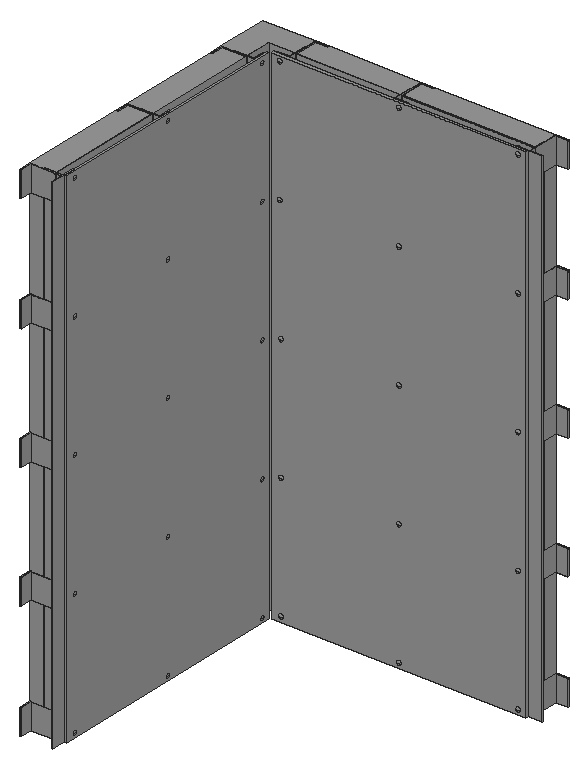
Revit family "Trespa Meteon  T5700_solucion 3", category Generic Models, Revit 2014
Parameters
  ID_Source = "BIMTOOL"
  ID_Objeto = "BT_F_F_382"
  Copyright © = "®Todos los derechos reservados. Prohibida su reproducción total o parcial. ©Bimtool 2016 Versión 3.8.2"
  BT_Web_del_Producto = "http://www.trespa.com/es"
  BT_Uso = "Placas para fachadas exterior"
  BT_SKU = "00 00 00 "
  BT_Profundidad = "1078"
  BT_Nombre_Tecnico = "Trespa Meteon  T5700 solucion esquina 2"
  BT_Nombre_Corto = "Trespa Meteon  T5700 solucion esquina 2"
  BT_Material = "Fibras naturales en madera con resinas termoestables"
  BT_MasterFormat® = "07 42 13"
  BT_Marca = "Trespa"
  BT_Itemizado_Estandar_CDT = "2.8.1."
  BT_Fabricante = "Trespa"
  BT_Especialidad = "Arquitectura "
  BT_Elemento = "Paneles y Revestimientos verticales "
  BT_EETT = "Las placas Trespa® Meteon® son ideales para ser utilizadas en sistemas de fachadas ventiladas innovadores y funcionales.Usándolas solas o como acento en combinación con otros materiales, las placas Trespa® Meteon® pueden determinar el aspecto y subrayar las cualidades de un edi\u001fcio. Trespa está a la vanguardia de las técnicas de construcción más avanzadas. Las fachadas ventiladas son mucho más que una mera cuestión de diseño; son un medio probado de e\u001fciencia energética y sus propiedades perduran en el tiempo"
  BT_Descripcion = "Las placas Trespa® Meteon® son ideales para ser utilizadas en sistemas de fachadas ventiladas innovadores y funcionales.Usándolas solas o como acento en combinación con otros materiales, las placas Trespa® Meteon® pueden determinar el aspecto y subrayar las cualidades de un edi\u001fcio. Trespa está a la vanguardia de las técnicas de construcción más avanzadas. Las fachadas ventiladas son mucho más que una mera cuestión de diseño; son un medio probado de e\u001fciencia energética y sus propiedades perduran en el tiempo."
  BT_Color = "Variedad de colores"
  BT_Codigo_Origen = "TRE003"
  BT_Codigo_Linea = "Linea"
  BT_Ancho = "1078"
  BT_Alto = "2000"
Reference planes
  plane 1 "Center (Front/Back)": y = 0
  plane 2: z = 0
  plane 3 "Center (Left/Right)": x = 0
  plane 4: z = 2000
  plane 5: x = 500
  plane 6: x = -500
  plane 7: x = 0
  plane 8: x = 505
  plane 9: x = 1010
  plane 10: z = 1000
  plane 11: z = 20
  plane 12: z = 1980
  plane 13: z = 510
  plane 14: z = 1490
  plane 15: y = 129.98
  plane 16: y = 30
  plane 17: y = 28.666
  plane 18: y = -517.075
  plane 19: y = -1017.071
  plane 20: y = -1022.071
  plane 21: x = -518.071
  plane 22: y = -1012.071
  plane 23: y = -975.571
  plane 24: y = -52.6
Forms (mm)
  Extrusion 1, solid, material "Carmine Red"
    sketch origin (-5, 0, 0) x (-1, 0, 0) y (0, -1, 0)
      loop
        line (-505, 0) -> (495, 0) -> (495, 10) -> (-505, 10) -> (-505, 0)
    from 0 to 2000
  Extrusion 2, solid, material "Steel, Galvanized"
    sketch origin (505, 0, 0) x (-1, 0, 0) y (0, -1, 0)
      loop
        line (-1.5, -76) -> (1.5, -76) -> (1.5, -4) -> (50, -4) -> (50, -1) -> (-50, -1) -> (-50, -4) -> (-1.5, -4) -> (-1.5, -76)
    from 0 to 2000
  Extrusion 3, solid, material "Steel, Galvanized"
    sketch origin (-23.5, 0, 0) x (-1, 0, 0) y (0, -1, 0)
      loop
        line (-1.5, -76) -> (1.5, -76) -> (1.5, -1) -> (-48.5, -1) -> (-48.5, -4) -> (-1.5, -4) -> (-1.5, -76)
    from 0 to 2000
  Revolve 4, solid, material "Carmine Red"
    sketch origin (-35, 0, 1000) x (-1, 0, 0) y (0, -1, 0)
      loop
        line (-35, 12) -> (-35, 10) -> (-27, 10)
        spline (-27, 10) -> (-27.068, 10.261) -> (-27.273, 10.518) -> (-27.609, 10.765) -> (-28.072, 11) -> (-28.653, 11.218) -> (-29.343, 11.414) -> (-30.13, 11.587) -> (-31, 11.732) -> (-31.939, 11.848) -> (-32.929, 11.932) -> (-33.956, 11.983) -> (-35, 12)
      axis (-35, 10) -> (-35, 12)
    angle from 0 to 360
  Revolve 5, solid
    sketch origin (-35, 0, 1000) x (-1, 0, 0) y (0, -1, 0)
      loop
        line (-35, -0.998) -> (-32.5, -0.998) -> (-32.5, 10) -> (-35, 10) -> (-35, -0.998)
      axis (-35, -0.998) -> (-35, 10)
    angle from 0 to 360
  Revolve 6, solid
    sketch origin (-35, 0, 1000) x (-1, 0, 0) y (0, -1, 0)
      loop
        arc (-34.996, -9.905) -> (-31.601, -7.929) -> (-31.642, -4) r 3.905
        line (-31.642, -4) -> (-34.996, -4) -> (-34.996, -9.905)
      axis (-34.996, -9.905) -> (-34.996, -4)
    angle from 0 to 360
  Revolve 7, solid, material "Carmine Red"
    sketch origin (-35, 0, 20) x (-1, 0, 0) y (0, -1, 0)
      loop
        line (-35, 12) -> (-35, 10) -> (-27, 10)
        spline (-27, 10) -> (-27.068, 10.261) -> (-27.273, 10.518) -> (-27.609, 10.765) -> (-28.072, 11) -> (-28.653, 11.218) -> (-29.343, 11.414) -> (-30.13, 11.587) -> (-31, 11.732) -> (-31.939, 11.848) -> (-32.929, 11.932) -> (-33.956, 11.983) -> (-35, 12)
      axis (-35, 10) -> (-35, 12)
    angle from 0 to 360
  Revolve 8, solid
    sketch origin (-35, 0, 20) x (-1, 0, 0) y (0, -1, 0)
      loop
        line (-35, -0.998) -> (-32.5, -0.998) -> (-32.5, 10) -> (-35, 10) -> (-35, -0.998)
      axis (-35, -0.998) -> (-35, 10)
    angle from 0 to 360
  Revolve 9, solid
    sketch origin (-35, 0, 20) x (-1, 0, 0) y (0, -1, 0)
      loop
        arc (-34.996, -9.905) -> (-31.601, -7.929) -> (-31.642, -4) r 3.905
        line (-31.642, -4) -> (-34.996, -4) -> (-34.996, -9.905)
      axis (-34.996, -9.905) -> (-34.996, -4)
    angle from 0 to 360
  Revolve 10, solid, material "Carmine Red"
    sketch origin (-35, 0, 1980) x (-1, 0, 0) y (0, -1, 0)
      loop
        line (-35, 12) -> (-35, 10) -> (-27, 10)
        spline (-27, 10) -> (-27.068, 10.261) -> (-27.273, 10.518) -> (-27.609, 10.765) -> (-28.072, 11) -> (-28.653, 11.218) -> (-29.343, 11.414) -> (-30.13, 11.587) -> (-31, 11.732) -> (-31.939, 11.848) -> (-32.929, 11.932) -> (-33.956, 11.983) -> (-35, 12)
      axis (-35, 10) -> (-35, 12)
    angle from 0 to 360
  Revolve 11, solid
    sketch origin (-35, 0, 1980) x (-1, 0, 0) y (0, -1, 0)
      loop
        line (-35, -0.998) -> (-32.5, -0.998) -> (-32.5, 10) -> (-35, 10) -> (-35, -0.998)
      axis (-35, -0.998) -> (-35, 10)
    angle from 0 to 360
  Revolve 12, solid
    sketch origin (-35, 0, 1980) x (-1, 0, 0) y (0, -1, 0)
      loop
        arc (-34.996, -9.905) -> (-31.601, -7.929) -> (-31.642, -4) r 3.905
        line (-31.642, -4) -> (-34.996, -4) -> (-34.996, -9.905)
      axis (-34.996, -9.905) -> (-34.996, -4)
    angle from 0 to 360
  Revolve 13, solid, material "Carmine Red"
    sketch origin (505, 0, 1000) x (1, 0, 0) y (0, 1, 0)
      loop
        spline (-35, -12) -> (-33.956, -11.983) -> (-32.929, -11.932) -> (-31.939, -11.848) -> (-31, -11.732) -> (-30.13, -11.587) -> (-29.343, -11.414) -> (-28.653, -11.218) -> (-28.072, -11) -> (-27.609, -10.765) -> (-27.273, -10.518) -> (-27.068, -10.261) -> (-27, -10)
        line (-27, -10) -> (-35, -10) -> (-35, -12)
      axis (-35, -10) -> (-35, -12)
    angle from 0 to 360
  Revolve 14, solid
    sketch origin (505, 0, 1000) x (1, 0, 0) y (0, 1, 0)
      loop
        line (-35, 0.998) -> (-35, -10) -> (-32.5, -10) -> (-32.5, 0.998) -> (-35, 0.998)
      axis (-35, 0.998) -> (-35, -10)
    angle from 0 to 360
  Revolve 15, solid
    sketch origin (505, 0, 1000) x (1, 0, 0) y (0, 1, 0)
      loop
        line (-34.996, 9.905) -> (-34.996, 4) -> (-31.642, 4)
        arc (-31.642, 4) -> (-31.601, 7.929) -> (-34.996, 9.905) r 3.905
      axis (-34.996, 9.905) -> (-34.996, 4)
    angle from 0 to 360
  Revolve 16, solid, material "Carmine Red"
    sketch origin (-35, 0, 1490) x (-1, 0, 0) y (0, -1, 0)
      loop
        line (-35, 12) -> (-35, 10) -> (-27, 10)
        spline (-27, 10) -> (-27.068, 10.261) -> (-27.273, 10.518) -> (-27.609, 10.765) -> (-28.072, 11) -> (-28.653, 11.218) -> (-29.343, 11.414) -> (-30.13, 11.587) -> (-31, 11.732) -> (-31.939, 11.848) -> (-32.929, 11.932) -> (-33.956, 11.983) -> (-35, 12)
      axis (-35, 10) -> (-35, 12)
    angle from 0 to 360
  Revolve 17, solid
    sketch origin (-35, 0, 1490) x (-1, 0, 0) y (0, -1, 0)
      loop
        line (-35, -0.998) -> (-32.5, -0.998) -> (-32.5, 10) -> (-35, 10) -> (-35, -0.998)
      axis (-35, -0.998) -> (-35, 10)
    angle from 0 to 360
  Revolve 18, solid
    sketch origin (-35, 0, 1490) x (-1, 0, 0) y (0, -1, 0)
      loop
        arc (-34.996, -9.905) -> (-31.601, -7.929) -> (-31.642, -4) r 3.905
        line (-31.642, -4) -> (-34.996, -4) -> (-34.996, -9.905)
      axis (-34.996, -9.905) -> (-34.996, -4)
    angle from 0 to 360
  Revolve 19, solid, material "Carmine Red"
    sketch origin (-505, 0, 1490) x (-1, 0, 0) y (0, -1, 0)
      loop
        line (-35, 12) -> (-35, 10) -> (-27, 10)
        spline (-27, 10) -> (-27.068, 10.261) -> (-27.273, 10.518) -> (-27.609, 10.765) -> (-28.072, 11) -> (-28.653, 11.218) -> (-29.343, 11.414) -> (-30.13, 11.587) -> (-31, 11.732) -> (-31.939, 11.848) -> (-32.929, 11.932) -> (-33.956, 11.983) -> (-35, 12)
      axis (-35, 10) -> (-35, 12)
    angle from 0 to 360
  Revolve 20, solid
    sketch origin (-505, 0, 1490) x (-1, 0, 0) y (0, -1, 0)
      loop
        line (-35, -0.998) -> (-32.5, -0.998) -> (-32.5, 10) -> (-35, 10) -> (-35, -0.998)
      axis (-35, -0.998) -> (-35, 10)
    angle from 0 to 360
  Revolve 21, solid
    sketch origin (-505, 0, 1490) x (-1, 0, 0) y (0, -1, 0)
      loop
        arc (-34.996, -9.905) -> (-31.601, -7.929) -> (-31.642, -4) r 3.905
        line (-31.642, -4) -> (-34.996, -4) -> (-34.996, -9.905)
      axis (-34.996, -9.905) -> (-34.996, -4)
    angle from 0 to 360
  Revolve 22, solid, material "Carmine Red"
    sketch origin (505, 0, 1490) x (1, 0, 0) y (0, 1, 0)
      loop
        spline (-35, -12) -> (-33.956, -11.983) -> (-32.929, -11.932) -> (-31.939, -11.848) -> (-31, -11.732) -> (-30.13, -11.587) -> (-29.343, -11.414) -> (-28.653, -11.218) -> (-28.072, -11) -> (-27.609, -10.765) -> (-27.273, -10.518) -> (-27.068, -10.261) -> (-27, -10)
        line (-27, -10) -> (-35, -10) -> (-35, -12)
      axis (-35, -10) -> (-35, -12)
    angle from 0 to 360
  Revolve 23, solid
    sketch origin (505, 0, 1490) x (1, 0, 0) y (0, 1, 0)
      loop
        line (-35, 0.998) -> (-35, -10) -> (-32.5, -10) -> (-32.5, 0.998) -> (-35, 0.998)
      axis (-35, 0.998) -> (-35, -10)
    angle from 0 to 360
  Revolve 24, solid
    sketch origin (505, 0, 1490) x (1, 0, 0) y (0, 1, 0)
      loop
        line (-34.996, 9.905) -> (-34.996, 4) -> (-31.642, 4)
        arc (-31.642, 4) -> (-31.601, 7.929) -> (-34.996, 9.905) r 3.905
      axis (-34.996, 9.905) -> (-34.996, 4)
    angle from 0 to 360
  Revolve 25, solid, material "Carmine Red"
    sketch origin (-35, 0, 510) x (-1, 0, 0) y (0, -1, 0)
      loop
        line (-35, 12) -> (-35, 10) -> (-27, 10)
        spline (-27, 10) -> (-27.068, 10.261) -> (-27.273, 10.518) -> (-27.609, 10.765) -> (-28.072, 11) -> (-28.653, 11.218) -> (-29.343, 11.414) -> (-30.13, 11.587) -> (-31, 11.732) -> (-31.939, 11.848) -> (-32.929, 11.932) -> (-33.956, 11.983) -> (-35, 12)
      axis (-35, 10) -> (-35, 12)
    angle from 0 to 360
  Revolve 26, solid
    sketch origin (-35, 0, 510) x (-1, 0, 0) y (0, -1, 0)
      loop
        line (-35, -0.998) -> (-32.5, -0.998) -> (-32.5, 10) -> (-35, 10) -> (-35, -0.998)
      axis (-35, -0.998) -> (-35, 10)
    angle from 0 to 360
  Revolve 27, solid
    sketch origin (-35, 0, 510) x (-1, 0, 0) y (0, -1, 0)
      loop
        arc (-34.996, -9.905) -> (-31.601, -7.929) -> (-31.642, -4) r 3.905
        line (-31.642, -4) -> (-34.996, -4) -> (-34.996, -9.905)
      axis (-34.996, -9.905) -> (-34.996, -4)
    angle from 0 to 360
  Revolve 28, solid, material "Carmine Red"
    sketch origin (505, 0, 510) x (1, 0, 0) y (0, 1, 0)
      loop
        spline (-35, -12) -> (-33.956, -11.983) -> (-32.929, -11.932) -> (-31.939, -11.848) -> (-31, -11.732) -> (-30.13, -11.587) -> (-29.343, -11.414) -> (-28.653, -11.218) -> (-28.072, -11) -> (-27.609, -10.765) -> (-27.273, -10.518) -> (-27.068, -10.261) -> (-27, -10)
        line (-27, -10) -> (-35, -10) -> (-35, -12)
      axis (-35, -10) -> (-35, -12)
    angle from 0 to 360
  Revolve 29, solid
    sketch origin (505, 0, 510) x (1, 0, 0) y (0, 1, 0)
      loop
        line (-35, 0.998) -> (-35, -10) -> (-32.5, -10) -> (-32.5, 0.998) -> (-35, 0.998)
      axis (-35, 0.998) -> (-35, -10)
    angle from 0 to 360
  Revolve 30, solid
    sketch origin (505, 0, 510) x (1, 0, 0) y (0, 1, 0)
      loop
        line (-34.996, 9.905) -> (-34.996, 4) -> (-31.642, 4)
        arc (-31.642, 4) -> (-31.601, 7.929) -> (-34.996, 9.905) r 3.905
      axis (-34.996, 9.905) -> (-34.996, 4)
    angle from 0 to 360
  Revolve 31, solid, material "Carmine Red"
    sketch origin (505, 0, 20) x (1, 0, 0) y (0, 1, 0)
      loop
        spline (-35, -12) -> (-33.956, -11.983) -> (-32.929, -11.932) -> (-31.939, -11.848) -> (-31, -11.732) -> (-30.13, -11.587) -> (-29.343, -11.414) -> (-28.653, -11.218) -> (-28.072, -11) -> (-27.609, -10.765) -> (-27.273, -10.518) -> (-27.068, -10.261) -> (-27, -10)
        line (-27, -10) -> (-35, -10) -> (-35, -12)
      axis (-35, -10) -> (-35, -12)
    angle from 0 to 360
  Revolve 32, solid
    sketch origin (505, 0, 20) x (1, 0, 0) y (0, 1, 0)
      loop
        line (-35, 0.998) -> (-35, -10) -> (-32.5, -10) -> (-32.5, 0.998) -> (-35, 0.998)
      axis (-35, 0.998) -> (-35, -10)
    angle from 0 to 360
  Revolve 33, solid
    sketch origin (505, 0, 20) x (1, 0, 0) y (0, 1, 0)
      loop
        line (-34.996, 9.905) -> (-34.996, 4) -> (-31.642, 4)
        arc (-31.642, 4) -> (-31.601, 7.929) -> (-34.996, 9.905) r 3.905
      axis (-34.996, 9.905) -> (-34.996, 4)
    angle from 0 to 360
  Revolve 34, solid, material "Carmine Red"
    sketch origin (-505, 0, 1980) x (-1, 0, 0) y (0, -1, 0)
      loop
        line (-35, 12) -> (-35, 10) -> (-27, 10)
        spline (-27, 10) -> (-27.068, 10.261) -> (-27.273, 10.518) -> (-27.609, 10.765) -> (-28.072, 11) -> (-28.653, 11.218) -> (-29.343, 11.414) -> (-30.13, 11.587) -> (-31, 11.732) -> (-31.939, 11.848) -> (-32.929, 11.932) -> (-33.956, 11.983) -> (-35, 12)
      axis (-35, 10) -> (-35, 12)
    angle from 0 to 360
  Revolve 35, solid
    sketch origin (-505, 0, 1980) x (-1, 0, 0) y (0, -1, 0)
      loop
        line (-35, -0.998) -> (-32.5, -0.998) -> (-32.5, 10) -> (-35, 10) -> (-35, -0.998)
      axis (-35, -0.998) -> (-35, 10)
    angle from 0 to 360
  Revolve 36, solid
    sketch origin (-505, 0, 1980) x (-1, 0, 0) y (0, -1, 0)
      loop
        arc (-34.996, -9.905) -> (-31.601, -7.929) -> (-31.642, -4) r 3.905
        line (-31.642, -4) -> (-34.996, -4) -> (-34.996, -9.905)
      axis (-34.996, -9.905) -> (-34.996, -4)
    angle from 0 to 360
  Revolve 37, solid, material "Carmine Red"
    sketch origin (505, 0, 1980) x (1, 0, 0) y (0, 1, 0)
      loop
        spline (-35, -12) -> (-33.956, -11.983) -> (-32.929, -11.932) -> (-31.939, -11.848) -> (-31, -11.732) -> (-30.13, -11.587) -> (-29.343, -11.414) -> (-28.653, -11.218) -> (-28.072, -11) -> (-27.609, -10.765) -> (-27.273, -10.518) -> (-27.068, -10.261) -> (-27, -10)
        line (-27, -10) -> (-35, -10) -> (-35, -12)
      axis (-35, -10) -> (-35, -12)
    angle from 0 to 360
  Revolve 38, solid
    sketch origin (505, 0, 1980) x (1, 0, 0) y (0, 1, 0)
      loop
        line (-35, 0.998) -> (-35, -10) -> (-32.5, -10) -> (-32.5, 0.998) -> (-35, 0.998)
      axis (-35, 0.998) -> (-35, -10)
    angle from 0 to 360
  Revolve 39, solid
    sketch origin (505, 0, 1980) x (1, 0, 0) y (0, 1, 0)
      loop
        line (-34.996, 9.905) -> (-34.996, 4) -> (-31.642, 4)
        arc (-31.642, 4) -> (-31.601, 7.929) -> (-34.996, 9.905) r 3.905
      axis (-34.996, 9.905) -> (-34.996, 4)
    angle from 0 to 360
  Extrusion 40, solid, material "Steel, Galvanized"
    sketch origin (505, 0, 338.067) x (1, 0, 0) y (0, 1, 0)
      loop
        line (4.5, 124) -> (51.5, 124) -> (51.5, 127) -> (1.5, 127) -> (1.5, 27) -> (4.5, 27) -> (4.5, 124)
    from 611.933 to 711.933
  Extrusion 41, solid, material "Ailante - Muro"
    sketch origin (505, 0, 338.067) x (1, 0, 0) y (0, 1, 0)
      loop
        line (1.5, 129.98) -> (1.5, 127) -> (51.5, 127) -> (51.5, 129.98) -> (1.5, 129.98)
    from 611.933 to 711.933
  Extrusion 42, solid, material "Steel, Galvanized"
    sketch origin (-23.5, 0, 338.067) x (1, 0, 0) y (0, 1, 0)
      loop
        line (4.5, 124) -> (51.5, 124) -> (51.5, 127) -> (1.5, 127) -> (1.5, 27) -> (4.5, 27) -> (4.5, 124)
    from 611.933 to 711.933
  Extrusion 43, solid, material "Ailante - Muro"
    sketch origin (-23.5, 0, 338.067) x (1, 0, 0) y (0, 1, 0)
      loop
        line (1.5, 129.98) -> (1.5, 127) -> (51.5, 127) -> (51.5, 129.98) -> (1.5, 129.98)
    from 611.933 to 711.933
  Extrusion 44, solid, material "Steel, Galvanized"
    sketch origin (505, 0, 828.067) x (1, 0, 0) y (0, 1, 0)
      loop
        line (4.5, 124) -> (51.5, 124) -> (51.5, 127) -> (1.5, 127) -> (1.5, 27) -> (4.5, 27) -> (4.5, 124)
    from 611.933 to 711.933
  Extrusion 45, solid, material "Ailante - Muro"
    sketch origin (505, 0, 828.067) x (1, 0, 0) y (0, 1, 0)
      loop
        line (1.5, 129.98) -> (1.5, 127) -> (51.5, 127) -> (51.5, 129.98) -> (1.5, 129.98)
    from 611.933 to 711.933
  Extrusion 46, solid, material "Steel, Galvanized"
    sketch origin (-23.5, 0, 828.067) x (1, 0, 0) y (0, 1, 0)
      loop
        line (4.5, 124) -> (51.5, 124) -> (51.5, 127) -> (1.5, 127) -> (1.5, 27) -> (4.5, 27) -> (4.5, 124)
    from 611.933 to 711.933
  Extrusion 47, solid, material "Ailante - Muro"
    sketch origin (-23.5, 0, 828.067) x (1, 0, 0) y (0, 1, 0)
      loop
        line (1.5, 129.98) -> (1.5, 127) -> (51.5, 127) -> (51.5, 129.98) -> (1.5, 129.98)
    from 611.933 to 711.933
  Extrusion 48, solid, material "Steel, Galvanized"
    sketch origin (505, 0, 1288.067) x (1, 0, 0) y (0, 1, 0)
      loop
        line (4.5, 124) -> (51.5, 124) -> (51.5, 127) -> (1.5, 127) -> (1.5, 27) -> (4.5, 27) -> (4.5, 124)
    from 611.933 to 711.933
  Extrusion 49, solid, material "Ailante - Muro"
    sketch origin (505, 0, 1288.067) x (1, 0, 0) y (0, 1, 0)
      loop
        line (1.5, 129.98) -> (1.5, 127) -> (51.5, 127) -> (51.5, 129.98) -> (1.5, 129.98)
    from 611.933 to 711.933
  Extrusion 50, solid, material "Steel, Galvanized"
    sketch origin (-23.5, 0, 1288.067) x (1, 0, 0) y (0, 1, 0)
      loop
        line (4.5, 124) -> (51.5, 124) -> (51.5, 127) -> (1.5, 127) -> (1.5, 27) -> (4.5, 27) -> (4.5, 124)
    from 611.933 to 711.933
  Extrusion 51, solid, material "Ailante - Muro"
    sketch origin (-23.5, 0, 1288.067) x (1, 0, 0) y (0, 1, 0)
      loop
        line (1.5, 129.98) -> (1.5, 127) -> (51.5, 127) -> (51.5, 129.98) -> (1.5, 129.98)
    from 611.933 to 711.933
  Extrusion 52, solid, material "Steel, Galvanized"
    sketch origin (505, 0, -151.933) x (1, 0, 0) y (0, 1, 0)
      loop
        line (4.5, 124) -> (51.5, 124) -> (51.5, 127) -> (1.5, 127) -> (1.5, 27) -> (4.5, 27) -> (4.5, 124)
    from 611.933 to 711.933
  Extrusion 53, solid, material "Ailante - Muro"
    sketch origin (505, 0, -151.933) x (1, 0, 0) y (0, 1, 0)
      loop
        line (1.5, 129.98) -> (1.5, 127) -> (51.5, 127) -> (51.5, 129.98) -> (1.5, 129.98)
    from 611.933 to 711.933
  Extrusion 54, solid, material "Steel, Galvanized"
    sketch origin (-23.5, 0, -151.933) x (1, 0, 0) y (0, 1, 0)
      loop
        line (4.5, 124) -> (51.5, 124) -> (51.5, 127) -> (1.5, 127) -> (1.5, 27) -> (4.5, 27) -> (4.5, 124)
    from 611.933 to 711.933
  Extrusion 55, solid, material "Ailante - Muro"
    sketch origin (-23.5, 0, -151.933) x (1, 0, 0) y (0, 1, 0)
      loop
        line (1.5, 129.98) -> (1.5, 127) -> (51.5, 127) -> (51.5, 129.98) -> (1.5, 129.98)
    from 611.933 to 711.933
  Extrusion 56, solid, material "Steel, Galvanized"
    sketch origin (505, 0, -611.933) x (1, 0, 0) y (0, 1, 0)
      loop
        line (4.5, 124) -> (51.5, 124) -> (51.5, 127) -> (1.5, 127) -> (1.5, 27) -> (4.5, 27) -> (4.5, 124)
    from 611.933 to 711.933
  Extrusion 57, solid, material "Ailante - Muro"
    sketch origin (505, 0, -611.933) x (1, 0, 0) y (0, 1, 0)
      loop
        line (1.5, 129.98) -> (1.5, 127) -> (51.5, 127) -> (51.5, 129.98) -> (1.5, 129.98)
    from 611.933 to 711.933
  Extrusion 58, solid, material "Steel, Galvanized"
    sketch origin (-23.5, 0, -611.933) x (1, 0, 0) y (0, 1, 0)
      loop
        line (4.5, 124) -> (51.5, 124) -> (51.5, 127) -> (1.5, 127) -> (1.5, 27) -> (4.5, 27) -> (4.5, 124)
    from 611.933 to 711.933
  Extrusion 59, solid, material "Ailante - Muro"
    sketch origin (-23.5, 0, -611.933) x (1, 0, 0) y (0, 1, 0)
      loop
        line (1.5, 129.98) -> (1.5, 127) -> (51.5, 127) -> (51.5, 129.98) -> (1.5, 129.98)
    from 611.933 to 711.933
  Extrusion 60, solid, material "Lana Aislante termico"
    sketch origin (0, 0, 0) x (1, 0, 0) y (0, 1, 0)
      loop
        line (28, 129.98) -> (28, 124) -> (-19, 124) -> (-19, 30) -> (503.5, 30) -> (503.5, 76) -> (506.5, 76) -> (506.5, 129.98) -> (28, 129.98)
    from 0 to 2000
  Extrusion 61, solid, material "Papel Aislante"
    sketch origin (0, 0, 0) x (1, 0, 0) y (0, 1, 0)
      loop
        line (-436.471, 30) -> (-436.471, 28.666) -> (-25, 28.666) -> (-25, 30) -> (-436.471, 30)
    from 0 to 2000
  Extrusion 62, solid, material "Papel Aislante"
    sketch origin (0, 0, 0) x (1, 0, 0) y (0, 1, 0)
      loop
        line (-19, 30) -> (-19, 28.666) -> (503.5, 28.666) -> (503.5, 30) -> (-19, 30)
    from 0 to 2000
  Extrusion 63, solid, material "Lana Aislante termico"
    sketch origin (0, 0, 0) x (1, 0, 0) y (0, 1, 0)
      loop
        line (-389.471, 129.98) -> (-389.471, 124) -> (-436.471, 124) -> (-436.471, 30) -> (-25, 30) -> (-25, 76) -> (-22, 76) -> (-22, 129.98) -> (-389.471, 129.98)
    from 0 to 2000
  Extrusion 64, solid
    sketch origin (0, 0, 490) x (1, 0, 0) y (0, 1, 0)
      loop
        line (-439, 127) -> (-489, 127) -> (-489, 77) -> (-486, 77) -> (-486, 124) -> (-439, 124) -> (-439, 127)
    from 950 to 1050
  Revolve 65, solid, material "Carmine Red"
    sketch origin (-490, 135, 1490) x (0, 1, 0) y (-1, 0, 0)
      loop
        line (-35, 12) -> (-35, 10) -> (-27, 10)
        spline (-27, 10) -> (-27.068, 10.261) -> (-27.273, 10.518) -> (-27.609, 10.765) -> (-28.072, 11) -> (-28.653, 11.218) -> (-29.343, 11.414) -> (-30.13, 11.587) -> (-31, 11.732) -> (-31.939, 11.848) -> (-32.929, 11.932) -> (-33.956, 11.983) -> (-35, 12)
      axis (-35, 10) -> (-35, 12)
    angle from 0 to 360
  Revolve 66, solid
    sketch origin (-490, 135, 1490) x (0, 1, 0) y (-1, 0, 0)
      loop
        line (-35, -0.998) -> (-32.5, -0.998) -> (-32.5, 10) -> (-35, 10) -> (-35, -0.998)
      axis (-35, -0.998) -> (-35, 10)
    angle from 0 to 360
  Revolve 67, solid
    sketch origin (-490, 135, 1490) x (0, 1, 0) y (-1, 0, 0)
      loop
        arc (-34.996, -9.905) -> (-31.601, -7.929) -> (-31.642, -4) r 3.905
        line (-31.642, -4) -> (-34.996, -4) -> (-34.996, -9.905)
      axis (-34.996, -9.905) -> (-34.996, -4)
    angle from 0 to 360
  Revolve 68, solid
    sketch origin (-490, 135, 1980) x (0, 1, 0) y (-1, 0, 0)
      loop
        arc (-34.996, -9.905) -> (-31.601, -7.929) -> (-31.642, -4) r 3.905
        line (-31.642, -4) -> (-34.996, -4) -> (-34.996, -9.905)
      axis (-34.996, -9.905) -> (-34.996, -4)
    angle from 0 to 360
  Extrusion 69, solid, material "Steel, Galvanized"
    sketch origin (-440.971, 1, 0) x (1, 0, 0) y (0, 1, 0)
      loop
        line (-1.5, 76) -> (-1.5, 4) -> (-48.5, 4) -> (-48.5, 1) -> (1.5, 1) -> (1.5, 76) -> (-1.5, 76)
    from 0 to 2000
  Extrusion 70, solid, material "Steel, Galvanized"
    sketch origin (-440.971, 0, 338.067) x (1, 0, 0) y (0, 1, 0)
      loop
        line (4.5, 124) -> (51.5, 124) -> (51.5, 127) -> (1.5, 127) -> (1.5, 27) -> (4.5, 27) -> (4.5, 124)
    from 611.933 to 711.933
  Extrusion 71, solid, material "Ailante - Muro"
    sketch origin (-440.971, 0, 338.067) x (1, 0, 0) y (0, 1, 0)
      loop
        line (1.5, 129.98) -> (1.5, 127) -> (51.5, 127) -> (51.5, 129.98) -> (1.5, 129.98)
    from 611.933 to 711.933
  Extrusion 72, solid, material "Carmine Red"
    sketch origin (-517.071, -522.071, 0) x (0, -1, 0) y (1, 0, 0)
      loop
        line (-505, 0) -> (490, 0) -> (490, 10) -> (-505, 10) -> (-505, 0)
    from 0 to 2000
  Extrusion 73, solid, material "Steel, Galvanized"
    sketch origin (-517.071, -540.571, 0) x (0, -1, 0) y (1, 0, 0)
      loop
        line (-1.5, -76) -> (1.5, -76) -> (1.5, -1) -> (-48.5, -1) -> (-48.5, -4) -> (-1.5, -4) -> (-1.5, -76)
    from 0 to 2000
  Revolve 74, solid, material "Carmine Red"
    sketch origin (-517.071, -552.071, 1000) x (0, -1, 0) y (1, 0, 0)
      loop
        line (-35, 12) -> (-35, 10) -> (-27, 10)
        spline (-27, 10) -> (-27.068, 10.261) -> (-27.273, 10.518) -> (-27.609, 10.765) -> (-28.072, 11) -> (-28.653, 11.218) -> (-29.343, 11.414) -> (-30.13, 11.587) -> (-31, 11.732) -> (-31.939, 11.848) -> (-32.929, 11.932) -> (-33.956, 11.983) -> (-35, 12)
      axis (-35, 10) -> (-35, 12)
    angle from 0 to 360
  Revolve 75, solid
    sketch origin (-517.071, -552.071, 1000) x (0, -1, 0) y (1, 0, 0)
      loop
        line (-35, -0.998) -> (-32.5, -0.998) -> (-32.5, 10) -> (-35, 10) -> (-35, -0.998)
      axis (-35, -0.998) -> (-35, 10)
    angle from 0 to 360
  Revolve 76, solid
    sketch origin (-517.071, -552.071, 1000) x (0, -1, 0) y (1, 0, 0)
      loop
        arc (-34.996, -9.905) -> (-31.601, -7.929) -> (-31.642, -4) r 3.905
        line (-31.642, -4) -> (-34.996, -4) -> (-34.996, -9.905)
      axis (-34.996, -9.905) -> (-34.996, -4)
    angle from 0 to 360
  Revolve 77, solid, material "Carmine Red"
    sketch origin (-517.071, -552.071, 20) x (0, -1, 0) y (1, 0, 0)
      loop
        line (-35, 12) -> (-35, 10) -> (-27, 10)
        spline (-27, 10) -> (-27.068, 10.261) -> (-27.273, 10.518) -> (-27.609, 10.765) -> (-28.072, 11) -> (-28.653, 11.218) -> (-29.343, 11.414) -> (-30.13, 11.587) -> (-31, 11.732) -> (-31.939, 11.848) -> (-32.929, 11.932) -> (-33.956, 11.983) -> (-35, 12)
      axis (-35, 10) -> (-35, 12)
    angle from 0 to 360
  Revolve 78, solid
    sketch origin (-517.071, -552.071, 20) x (0, -1, 0) y (1, 0, 0)
      loop
        line (-35, -0.998) -> (-32.5, -0.998) -> (-32.5, 10) -> (-35, 10) -> (-35, -0.998)
      axis (-35, -0.998) -> (-35, 10)
    angle from 0 to 360
  Revolve 79, solid
    sketch origin (-517.071, -552.071, 20) x (0, -1, 0) y (1, 0, 0)
      loop
        arc (-34.996, -9.905) -> (-31.601, -7.929) -> (-31.642, -4) r 3.905
        line (-31.642, -4) -> (-34.996, -4) -> (-34.996, -9.905)
      axis (-34.996, -9.905) -> (-34.996, -4)
    angle from 0 to 360
  Revolve 80, solid, material "Carmine Red"
    sketch origin (-517.071, -552.071, 510) x (0, -1, 0) y (1, 0, 0)
      loop
        line (-35, 12) -> (-35, 10) -> (-27, 10)
        spline (-27, 10) -> (-27.068, 10.261) -> (-27.273, 10.518) -> (-27.609, 10.765) -> (-28.072, 11) -> (-28.653, 11.218) -> (-29.343, 11.414) -> (-30.13, 11.587) -> (-31, 11.732) -> (-31.939, 11.848) -> (-32.929, 11.932) -> (-33.956, 11.983) -> (-35, 12)
      axis (-35, 10) -> (-35, 12)
    angle from 0 to 360
  Revolve 81, solid
    sketch origin (-517.071, -552.071, 510) x (0, -1, 0) y (1, 0, 0)
      loop
        line (-35, -0.998) -> (-32.5, -0.998) -> (-32.5, 10) -> (-35, 10) -> (-35, -0.998)
      axis (-35, -0.998) -> (-35, 10)
    angle from 0 to 360
  Revolve 82, solid
    sketch origin (-517.071, -552.071, 510) x (0, -1, 0) y (1, 0, 0)
      loop
        arc (-34.996, -9.905) -> (-31.601, -7.929) -> (-31.642, -4) r 3.905
        line (-31.642, -4) -> (-34.996, -4) -> (-34.996, -9.905)
      axis (-34.996, -9.905) -> (-34.996, -4)
    angle from 0 to 360
  Extrusion 83, solid, material "Ailante - Muro"
    sketch origin (-517.071, -540.571, 338.067) x (0, 1, 0) y (-1, 0, 0)
      loop
        line (-51.5, 129.98) -> (-51.5, 127) -> (-1.5, 127) -> (-1.5, 129.98) -> (-51.5, 129.98)
    from 611.933 to 711.933
  Extrusion 84, solid, material "Lana Aislante termico"
    sketch origin (-517.071, -517.071, 0) x (0, 1, 0) y (-1, 0, 0)
      loop
        line (-22, 30) -> (436.471, 30) -> (436.471, 124) -> (389.471, 124) -> (389.471, 129.98) -> (-25, 129.98) -> (-25, 76) -> (-22, 76) -> (-22, 30)
    from 0 to 2000
  Extrusion 85, solid, material "Papel Aislante"
    sketch origin (-517.071, -517.071, 0) x (0, 1, 0) y (-1, 0, 0)
      loop
        line (-498.5, 30) -> (-498.5, 28.666) -> (-28, 28.666) -> (-28, 30) -> (-498.5, 30)
    from 0 to 2000
  Extrusion 86, solid, material "Papel Aislante"
    sketch origin (-517.071, -517.071, 0) x (0, 1, 0) y (-1, 0, 0)
      loop
        line (-22, 30) -> (-22, 28.666) -> (436.471, 28.666) -> (436.471, 30) -> (-22, 30)
    from 0 to 2000
  Revolve 87, solid, material "Carmine Red"
    sketch origin (-499.471, 0, 1000) x (-1, 0, 0) y (0, -1, 0)
      loop
        line (-35, 12) -> (-35, 10) -> (-27, 10)
        spline (-27, 10) -> (-27.068, 10.261) -> (-27.273, 10.518) -> (-27.609, 10.765) -> (-28.072, 11) -> (-28.653, 11.218) -> (-29.343, 11.414) -> (-30.13, 11.587) -> (-31, 11.732) -> (-31.939, 11.848) -> (-32.929, 11.932) -> (-33.956, 11.983) -> (-35, 12)
      axis (-35, 10) -> (-35, 12)
    angle from 0 to 360
  Revolve 88, solid
    sketch origin (-499.471, 0, 1000) x (-1, 0, 0) y (0, -1, 0)
      loop
        line (-35, -1.994) -> (-32.5, -1.994) -> (-32.5, 10) -> (-35, 10) -> (-35, -1.994)
      axis (-35, -1.994) -> (-35, 10)
    angle from 0 to 360
  Revolve 89, solid
    sketch origin (-499.471, 0, 1000) x (-1, 0, 0) y (0, -1, 0)
      loop
        arc (-34.996, -9.905) -> (-31.601, -7.929) -> (-31.642, -4) r 3.905
        line (-31.642, -4) -> (-34.996, -4) -> (-34.996, -9.905)
      axis (-34.996, -9.905) -> (-34.996, -4)
    angle from 0 to 360
  Revolve 90, solid, material "Carmine Red"
    sketch origin (-517.071, -17.6, 1000) x (0, 1, 0) y (-1, 0, 0)
      loop
        spline (-35, -12) -> (-33.956, -11.983) -> (-32.929, -11.932) -> (-31.939, -11.848) -> (-31, -11.732) -> (-30.13, -11.587) -> (-29.343, -11.414) -> (-28.653, -11.218) -> (-28.072, -11) -> (-27.609, -10.765) -> (-27.273, -10.518) -> (-27.068, -10.261) -> (-27, -10)
        line (-27, -10) -> (-35, -10) -> (-35, -12)
      axis (-35, -10) -> (-35, -12)
    angle from 0 to 360
  Revolve 91, solid
    sketch origin (-517.071, -17.6, 1000) x (0, 1, 0) y (-1, 0, 0)
      loop
        line (-35, 2.207) -> (-35, -10) -> (-32.5, -10) -> (-32.5, 2.207) -> (-35, 2.207)
      axis (-35, 2.207) -> (-35, -10)
    angle from 0 to 360
  Revolve 92, solid
    sketch origin (-518.066, -17.6, 1000) x (0, 1, 0) y (-1, 0, 0)
      loop
        line (-34.996, 9.905) -> (-34.996, 4) -> (-31.642, 4)
        arc (-31.642, 4) -> (-31.601, 7.929) -> (-34.996, 9.905) r 3.905
      axis (-34.996, 9.905) -> (-34.996, 4)
    angle from 0 to 360
  Extrusion 93, solid, material "Lana Aislante termico"
    sketch origin (0, 0, 0) x (1, 0, 0) y (0, 1, 0)
      loop
        line (-439.471, 129.98) -> (-647.071, 129.98) -> (-647.071, -77.6) -> (-594.066, -77.6) -> (-594.066, -74.6) -> (-547.071, -74.6) -> (-547.071, 30) -> (-442.471, 30) -> (-442.471, 77) -> (-439.471, 77) -> (-439.471, 129.98)
    from 0 to 2000
  Extrusion 94, solid, material "Steel, Galvanized"
    sketch origin (-517.071, -1017.071, 0) x (0, -1, 0) y (1, 0, 0)
      loop
        line (-1.5, -76) -> (1.5, -76) -> (1.5, -4) -> (50, -4) -> (50, -1) -> (-50, -1) -> (-50, -4) -> (-1.5, -4) -> (-1.5, -76)
    from 0 to 2000
  Revolve 95, solid, material "Carmine Red"
    sketch origin (-517.071, -1010.571, 1000) x (0, -1, 0) y (1, 0, 0)
      loop
        line (-35, 12) -> (-35, 10) -> (-27, 10)
        spline (-27, 10) -> (-27.068, 10.261) -> (-27.273, 10.518) -> (-27.609, 10.765) -> (-28.072, 11) -> (-28.653, 11.218) -> (-29.343, 11.414) -> (-30.13, 11.587) -> (-31, 11.732) -> (-31.939, 11.848) -> (-32.929, 11.932) -> (-33.956, 11.983) -> (-35, 12)
      axis (-35, 10) -> (-35, 12)
    angle from 0 to 360
  Revolve 96, solid
    sketch origin (-517.071, -1010.571, 1000) x (0, -1, 0) y (1, 0, 0)
      loop
        line (-35, -0.998) -> (-32.5, -0.998) -> (-32.5, 10) -> (-35, 10) -> (-35, -0.998)
      axis (-35, -0.998) -> (-35, 10)
    angle from 0 to 360
  Revolve 97, solid
    sketch origin (-517.071, -1010.571, 1000) x (0, -1, 0) y (1, 0, 0)
      loop
        arc (-34.996, -9.905) -> (-31.601, -7.929) -> (-31.642, -4) r 3.905
        line (-31.642, -4) -> (-34.996, -4) -> (-34.996, -9.905)
      axis (-34.996, -9.905) -> (-34.996, -4)
    angle from 0 to 360
  Extrusion 98, solid, material "Ailante - Muro"
    sketch origin (-517.071, -1017.071, 338.067) x (0, -1, 0) y (1, 0, 0)
      loop
        line (1.5, -129.98) -> (51.5, -129.98) -> (51.5, -127) -> (1.5, -127) -> (1.5, -129.98)
    from 611.933 to 711.933
  Extrusion 99, solid, material "Lana Aislante termico"
    sketch origin (0, 0, 0) x (1, 0, 0) y (0, 1, 0)
      loop
        line (-547.051, -545.071) -> (-641.071, -545.071) -> (-641.071, -592.071) -> (-647.051, -592.071) -> (-647.051, -1018.571) -> (-593.071, -1018.571) -> (-593.071, -1015.571) -> (-547.051, -1015.571) -> (-547.051, -545.071)
    from 0 to 2000
  Extrusion 100, solid, material "Steel, Galvanized"
    sketch origin (-518.066, -76.1, 0) x (0, -1, 0) y (1, 0, 0)
      loop
        line (-1.5, -76) -> (1.5, -76) -> (1.5, -1) -> (-48.5, -1) -> (-48.5, -4) -> (-1.5, -4) -> (-1.5, -76)
    from 0 to 2000
  Extrusion 101, solid, material "Ailante - Muro"
    sketch origin (-517.061, -150.19, 338.067) x (0, 1, 0) y (-1, 0, 0)
      loop
        line (22.59, 129.98) -> (22.59, 127) -> (72.59, 127) -> (72.59, 129.98) -> (22.59, 129.98)
    from 611.933 to 711.933
  Extrusion 102, solid, material "Papel Aislante"
    sketch origin (-517.071, -52.6, 0) x (0, 1, 0) y (-1, 0, 0)
      loop
        line (-22, 30) -> (-22, 28.666) -> (81.266, 28.666) -> (81.266, -74.6) -> (82.6, -74.6) -> (82.6, 30) -> (-22, 30)
    from 0 to 2000
  Extrusion 103, solid, material "Ailante - Muro"
    sketch origin (-440.971, 0, -151.933) x (1, 0, 0) y (0, 1, 0)
      loop
        line (1.5, 129.98) -> (1.5, 127) -> (51.5, 127) -> (51.5, 129.98) -> (1.5, 129.98)
    from 611.933 to 711.933
  Extrusion 104, solid, material "Ailante - Muro"
    sketch origin (-440.971, 0, -611.933) x (1, 0, 0) y (0, 1, 0)
      loop
        line (1.5, 129.98) -> (1.5, 127) -> (51.5, 127) -> (51.5, 129.98) -> (1.5, 129.98)
    from 611.933 to 711.933
  Extrusion 105, solid, material "Steel, Galvanized"
    sketch origin (-440.971, 0, 828.067) x (1, 0, 0) y (0, 1, 0)
      loop
        line (4.5, 124) -> (51.5, 124) -> (51.5, 127) -> (1.5, 127) -> (1.5, 27) -> (4.5, 27) -> (4.5, 124)
    from 611.933 to 711.933
  Extrusion 106, solid, material "Ailante - Muro"
    sketch origin (-440.971, 0, 828.067) x (1, 0, 0) y (0, 1, 0)
      loop
        line (1.5, 129.98) -> (1.5, 127) -> (51.5, 127) -> (51.5, 129.98) -> (1.5, 129.98)
    from 611.933 to 711.933
  Extrusion 107, solid, material "Steel, Galvanized"
    sketch origin (-440.971, 0, 1288.067) x (1, 0, 0) y (0, 1, 0)
      loop
        line (4.5, 124) -> (51.5, 124) -> (51.5, 127) -> (1.5, 127) -> (1.5, 27) -> (4.5, 27) -> (4.5, 124)
    from 611.933 to 711.933
  Extrusion 108, solid, material "Ailante - Muro"
    sketch origin (-440.971, 0, 1288.067) x (1, 0, 0) y (0, 1, 0)
      loop
        line (1.5, 129.98) -> (1.5, 127) -> (51.5, 127) -> (51.5, 129.98) -> (1.5, 129.98)
    from 611.933 to 711.933
  Extrusion 109, solid, material "Steel, Galvanized"
    sketch origin (-517.091, -76.12, 338.067) x (0, -1, 0) y (1, 0, 0)
      loop
        line (4.5, -124) -> (4.5, -27) -> (1.5, -27) -> (1.5, -127) -> (51.5, -127) -> (51.5, -124) -> (4.5, -124)
    from 611.933 to 711.933
  Extrusion 110, solid, material "Steel, Galvanized"
    sketch origin (-517.071, -540.571, 338.067) x (0, -1, 0) y (1, 0, 0)
      loop
        line (4.5, -124) -> (4.5, -27) -> (1.5, -27) -> (1.5, -127) -> (51.5, -127) -> (51.5, -124) -> (4.5, -124)
    from 611.933 to 711.933
  Extrusion 111, solid, material "Steel, Galvanized"
    sketch origin (-517.071, -1017.071, 338.067) x (0, -1, 0) y (1, 0, 0)
      loop
        line (4.5, -124) -> (4.5, -27) -> (1.5, -27) -> (1.5, -127) -> (51.5, -127) -> (51.5, -124) -> (4.5, -124)
    from 611.933 to 711.933
  Extrusion 112, solid, material "Ailante - Muro"
    sketch origin (-517.071, -540.571, -151.933) x (0, 1, 0) y (-1, 0, 0)
      loop
        line (-51.5, 129.98) -> (-51.5, 127) -> (-1.5, 127) -> (-1.5, 129.98) -> (-51.5, 129.98)
    from 611.933 to 711.933
  Extrusion 113, solid, material "Ailante - Muro"
    sketch origin (-517.071, -1017.071, -151.933) x (0, -1, 0) y (1, 0, 0)
      loop
        line (1.5, -129.98) -> (51.5, -129.98) -> (51.5, -127) -> (1.5, -127) -> (1.5, -129.98)
    from 611.933 to 711.933
  Extrusion 114, solid, material "Ailante - Muro"
    sketch origin (-517.061, -150.19, -151.933) x (0, 1, 0) y (-1, 0, 0)
      loop
        line (22.59, 129.98) -> (22.59, 127) -> (72.59, 127) -> (72.59, 129.98) -> (22.59, 129.98)
    from 611.933 to 711.933
  Extrusion 115, solid, material "Steel, Galvanized"
    sketch origin (-517.091, -76.12, -151.933) x (0, -1, 0) y (1, 0, 0)
      loop
        line (4.5, -124) -> (4.5, -27) -> (1.5, -27) -> (1.5, -127) -> (51.5, -127) -> (51.5, -124) -> (4.5, -124)
    from 611.933 to 711.933
  Extrusion 116, solid, material "Steel, Galvanized"
    sketch origin (-517.071, -540.571, -151.933) x (0, -1, 0) y (1, 0, 0)
      loop
        line (4.5, -124) -> (4.5, -27) -> (1.5, -27) -> (1.5, -127) -> (51.5, -127) -> (51.5, -124) -> (4.5, -124)
    from 611.933 to 711.933
  Extrusion 117, solid, material "Steel, Galvanized"
    sketch origin (-517.071, -1017.071, -151.933) x (0, -1, 0) y (1, 0, 0)
      loop
        line (4.5, -124) -> (4.5, -27) -> (1.5, -27) -> (1.5, -127) -> (51.5, -127) -> (51.5, -124) -> (4.5, -124)
    from 611.933 to 711.933
  Extrusion 118, solid, material "Ailante - Muro"
    sketch origin (-517.071, -540.571, 828.067) x (0, 1, 0) y (-1, 0, 0)
      loop
        line (-51.5, 129.98) -> (-51.5, 127) -> (-1.5, 127) -> (-1.5, 129.98) -> (-51.5, 129.98)
    from 611.933 to 711.933
  Extrusion 119, solid, material "Ailante - Muro"
    sketch origin (-517.071, -1017.071, 828.067) x (0, -1, 0) y (1, 0, 0)
      loop
        line (1.5, -129.98) -> (51.5, -129.98) -> (51.5, -127) -> (1.5, -127) -> (1.5, -129.98)
    from 611.933 to 711.933
  Extrusion 120, solid, material "Ailante - Muro"
    sketch origin (-517.061, -150.19, 828.067) x (0, 1, 0) y (-1, 0, 0)
      loop
        line (22.59, 129.98) -> (22.59, 127) -> (72.59, 127) -> (72.59, 129.98) -> (22.59, 129.98)
    from 611.933 to 711.933
  Extrusion 121, solid, material "Steel, Galvanized"
    sketch origin (-517.091, -76.12, 828.067) x (0, -1, 0) y (1, 0, 0)
      loop
        line (4.5, -124) -> (4.5, -27) -> (1.5, -27) -> (1.5, -127) -> (51.5, -127) -> (51.5, -124) -> (4.5, -124)
    from 611.933 to 711.933
  Extrusion 122, solid, material "Steel, Galvanized"
    sketch origin (-517.071, -540.571, 828.067) x (0, -1, 0) y (1, 0, 0)
      loop
        line (4.5, -124) -> (4.5, -27) -> (1.5, -27) -> (1.5, -127) -> (51.5, -127) -> (51.5, -124) -> (4.5, -124)
    from 611.933 to 711.933
  Extrusion 123, solid, material "Steel, Galvanized"
    sketch origin (-517.071, -1017.071, 828.067) x (0, -1, 0) y (1, 0, 0)
      loop
        line (4.5, -124) -> (4.5, -27) -> (1.5, -27) -> (1.5, -127) -> (51.5, -127) -> (51.5, -124) -> (4.5, -124)
    from 611.933 to 711.933
  Extrusion 124, solid, material "Ailante - Muro"
    sketch origin (-517.071, -540.571, -611.933) x (0, 1, 0) y (-1, 0, 0)
      loop
        line (-51.5, 129.98) -> (-51.5, 127) -> (-1.5, 127) -> (-1.5, 129.98) -> (-51.5, 129.98)
    from 611.933 to 711.933
  Extrusion 125, solid, material "Ailante - Muro"
    sketch origin (-517.071, -1017.071, -611.933) x (0, -1, 0) y (1, 0, 0)
      loop
        line (1.5, -129.98) -> (51.5, -129.98) -> (51.5, -127) -> (1.5, -127) -> (1.5, -129.98)
    from 611.933 to 711.933
  Extrusion 126, solid, material "Ailante - Muro"
    sketch origin (-517.061, -150.19, -611.933) x (0, 1, 0) y (-1, 0, 0)
      loop
        line (22.59, 129.98) -> (22.59, 127) -> (72.59, 127) -> (72.59, 129.98) -> (22.59, 129.98)
    from 611.933 to 711.933
  Extrusion 127, solid, material "Steel, Galvanized"
    sketch origin (-517.091, -76.12, -611.933) x (0, -1, 0) y (1, 0, 0)
      loop
        line (4.5, -124) -> (4.5, -27) -> (1.5, -27) -> (1.5, -127) -> (51.5, -127) -> (51.5, -124) -> (4.5, -124)
    from 611.933 to 711.933
  Extrusion 128, solid, material "Steel, Galvanized"
    sketch origin (-517.071, -540.571, -611.933) x (0, -1, 0) y (1, 0, 0)
      loop
        line (4.5, -124) -> (4.5, -27) -> (1.5, -27) -> (1.5, -127) -> (51.5, -127) -> (51.5, -124) -> (4.5, -124)
    from 611.933 to 711.933
  Extrusion 129, solid, material "Steel, Galvanized"
    sketch origin (-517.071, -1017.071, -611.933) x (0, -1, 0) y (1, 0, 0)
      loop
        line (4.5, -124) -> (4.5, -27) -> (1.5, -27) -> (1.5, -127) -> (51.5, -127) -> (51.5, -124) -> (4.5, -124)
    from 611.933 to 711.933
  Extrusion 130, solid, material "Ailante - Muro"
    sketch origin (-517.071, -540.571, 1288.067) x (0, 1, 0) y (-1, 0, 0)
      loop
        line (-51.5, 129.98) -> (-51.5, 127) -> (-1.5, 127) -> (-1.5, 129.98) -> (-51.5, 129.98)
    from 611.933 to 711.933
  Extrusion 131, solid, material "Ailante - Muro"
    sketch origin (-517.071, -1017.071, 1288.067) x (0, -1, 0) y (1, 0, 0)
      loop
        line (1.5, -129.98) -> (51.5, -129.98) -> (51.5, -127) -> (1.5, -127) -> (1.5, -129.98)
    from 611.933 to 711.933
  Extrusion 132, solid, material "Ailante - Muro"
    sketch origin (-517.061, -150.19, 1288.067) x (0, 1, 0) y (-1, 0, 0)
      loop
        line (22.59, 129.98) -> (22.59, 127) -> (72.59, 127) -> (72.59, 129.98) -> (22.59, 129.98)
    from 611.933 to 711.933
  Extrusion 133, solid, material "Steel, Galvanized"
    sketch origin (-517.091, -76.12, 1288.067) x (0, -1, 0) y (1, 0, 0)
      loop
        line (4.5, -124) -> (4.5, -27) -> (1.5, -27) -> (1.5, -127) -> (51.5, -127) -> (51.5, -124) -> (4.5, -124)
    from 611.933 to 711.933
  Extrusion 134, solid, material "Steel, Galvanized"
    sketch origin (-517.071, -540.571, 1288.067) x (0, -1, 0) y (1, 0, 0)
      loop
        line (4.5, -124) -> (4.5, -27) -> (1.5, -27) -> (1.5, -127) -> (51.5, -127) -> (51.5, -124) -> (4.5, -124)
    from 611.933 to 711.933
  Extrusion 135, solid, material "Steel, Galvanized"
    sketch origin (-517.071, -1017.071, 1288.067) x (0, -1, 0) y (1, 0, 0)
      loop
        line (4.5, -124) -> (4.5, -27) -> (1.5, -27) -> (1.5, -127) -> (51.5, -127) -> (51.5, -124) -> (4.5, -124)
    from 611.933 to 711.933
  Revolve 136, solid, material "Carmine Red"
    sketch origin (-499.471, 0, 510) x (-1, 0, 0) y (0, -1, 0)
      loop
        line (-35, 12) -> (-35, 10) -> (-27, 10)
        spline (-27, 10) -> (-27.068, 10.261) -> (-27.273, 10.518) -> (-27.609, 10.765) -> (-28.072, 11) -> (-28.653, 11.218) -> (-29.343, 11.414) -> (-30.13, 11.587) -> (-31, 11.732) -> (-31.939, 11.848) -> (-32.929, 11.932) -> (-33.956, 11.983) -> (-35, 12)
      axis (-35, 10) -> (-35, 12)
    angle from 0 to 360
  Revolve 137, solid
    sketch origin (-499.471, 0, 510) x (-1, 0, 0) y (0, -1, 0)
      loop
        line (-35, -1.994) -> (-32.5, -1.994) -> (-32.5, 10) -> (-35, 10) -> (-35, -1.994)
      axis (-35, -1.994) -> (-35, 10)
    angle from 0 to 360
  Revolve 138, solid
    sketch origin (-499.471, 0, 510) x (-1, 0, 0) y (0, -1, 0)
      loop
        arc (-34.996, -9.905) -> (-31.601, -7.929) -> (-31.642, -4) r 3.905
        line (-31.642, -4) -> (-34.996, -4) -> (-34.996, -9.905)
      axis (-34.996, -9.905) -> (-34.996, -4)
    angle from 0 to 360
  Revolve 139, solid, material "Carmine Red"
    sketch origin (-499.471, 0, 20) x (-1, 0, 0) y (0, -1, 0)
      loop
        line (-35, 12) -> (-35, 10) -> (-27, 10)
        spline (-27, 10) -> (-27.068, 10.261) -> (-27.273, 10.518) -> (-27.609, 10.765) -> (-28.072, 11) -> (-28.653, 11.218) -> (-29.343, 11.414) -> (-30.13, 11.587) -> (-31, 11.732) -> (-31.939, 11.848) -> (-32.929, 11.932) -> (-33.956, 11.983) -> (-35, 12)
      axis (-35, 10) -> (-35, 12)
    angle from 0 to 360
  Revolve 140, solid
    sketch origin (-499.471, 0, 20) x (-1, 0, 0) y (0, -1, 0)
      loop
        line (-35, -1.994) -> (-32.5, -1.994) -> (-32.5, 10) -> (-35, 10) -> (-35, -1.994)
      axis (-35, -1.994) -> (-35, 10)
    angle from 0 to 360
  Revolve 141, solid
    sketch origin (-499.471, 0, 20) x (-1, 0, 0) y (0, -1, 0)
      loop
        arc (-34.996, -9.905) -> (-31.601, -7.929) -> (-31.642, -4) r 3.905
        line (-31.642, -4) -> (-34.996, -4) -> (-34.996, -9.905)
      axis (-34.996, -9.905) -> (-34.996, -4)
    angle from 0 to 360
  Revolve 142, solid, material "Carmine Red"
    sketch origin (-517.071, -17.6, 1490) x (0, 1, 0) y (-1, 0, 0)
      loop
        spline (-35, -12) -> (-33.956, -11.983) -> (-32.929, -11.932) -> (-31.939, -11.848) -> (-31, -11.732) -> (-30.13, -11.587) -> (-29.343, -11.414) -> (-28.653, -11.218) -> (-28.072, -11) -> (-27.609, -10.765) -> (-27.273, -10.518) -> (-27.068, -10.261) -> (-27, -10)
        line (-27, -10) -> (-35, -10) -> (-35, -12)
      axis (-35, -10) -> (-35, -12)
    angle from 0 to 360
  Revolve 143, solid
    sketch origin (-517.071, -17.6, 1490) x (0, 1, 0) y (-1, 0, 0)
      loop
        line (-35, 2.207) -> (-35, -10) -> (-32.5, -10) -> (-32.5, 2.207) -> (-35, 2.207)
      axis (-35, 2.207) -> (-35, -10)
    angle from 0 to 360
  Revolve 144, solid
    sketch origin (-518.066, -17.6, 1490) x (0, 1, 0) y (-1, 0, 0)
      loop
        line (-34.996, 9.905) -> (-34.996, 4) -> (-31.642, 4)
        arc (-31.642, 4) -> (-31.601, 7.929) -> (-34.996, 9.905) r 3.905
      axis (-34.996, 9.905) -> (-34.996, 4)
    angle from 0 to 360
  Revolve 145, solid, material "Carmine Red"
    sketch origin (-517.071, -1010.571, 1490) x (0, -1, 0) y (1, 0, 0)
      loop
        line (-35, 12) -> (-35, 10) -> (-27, 10)
        spline (-27, 10) -> (-27.068, 10.261) -> (-27.273, 10.518) -> (-27.609, 10.765) -> (-28.072, 11) -> (-28.653, 11.218) -> (-29.343, 11.414) -> (-30.13, 11.587) -> (-31, 11.732) -> (-31.939, 11.848) -> (-32.929, 11.932) -> (-33.956, 11.983) -> (-35, 12)
      axis (-35, 10) -> (-35, 12)
    angle from 0 to 360
  Revolve 146, solid
    sketch origin (-517.071, -1010.571, 1490) x (0, -1, 0) y (1, 0, 0)
      loop
        line (-35, -0.998) -> (-32.5, -0.998) -> (-32.5, 10) -> (-35, 10) -> (-35, -0.998)
      axis (-35, -0.998) -> (-35, 10)
    angle from 0 to 360
  Revolve 147, solid
    sketch origin (-517.071, -1010.571, 1490) x (0, -1, 0) y (1, 0, 0)
      loop
        arc (-34.996, -9.905) -> (-31.601, -7.929) -> (-31.642, -4) r 3.905
        line (-31.642, -4) -> (-34.996, -4) -> (-34.996, -9.905)
      axis (-34.996, -9.905) -> (-34.996, -4)
    angle from 0 to 360
  Revolve 148, solid, material "Carmine Red"
    sketch origin (-517.071, -17.6, 1980) x (0, 1, 0) y (-1, 0, 0)
      loop
        spline (-35, -12) -> (-33.956, -11.983) -> (-32.929, -11.932) -> (-31.939, -11.848) -> (-31, -11.732) -> (-30.13, -11.587) -> (-29.343, -11.414) -> (-28.653, -11.218) -> (-28.072, -11) -> (-27.609, -10.765) -> (-27.273, -10.518) -> (-27.068, -10.261) -> (-27, -10)
        line (-27, -10) -> (-35, -10) -> (-35, -12)
      axis (-35, -10) -> (-35, -12)
    angle from 0 to 360
  Revolve 149, solid
    sketch origin (-517.071, -17.6, 1980) x (0, 1, 0) y (-1, 0, 0)
      loop
        line (-35, 2.207) -> (-35, -10) -> (-32.5, -10) -> (-32.5, 2.207) -> (-35, 2.207)
      axis (-35, 2.207) -> (-35, -10)
    angle from 0 to 360
  Revolve 150, solid
    sketch origin (-518.066, -17.6, 1980) x (0, 1, 0) y (-1, 0, 0)
      loop
        line (-34.996, 9.905) -> (-34.996, 4) -> (-31.642, 4)
        arc (-31.642, 4) -> (-31.601, 7.929) -> (-34.996, 9.905) r 3.905
      axis (-34.996, 9.905) -> (-34.996, 4)
    angle from 0 to 360
  Revolve 151, solid, material "Carmine Red"
    sketch origin (-517.071, -1010.571, 1980) x (0, -1, 0) y (1, 0, 0)
      loop
        line (-35, 12) -> (-35, 10) -> (-27, 10)
        spline (-27, 10) -> (-27.068, 10.261) -> (-27.273, 10.518) -> (-27.609, 10.765) -> (-28.072, 11) -> (-28.653, 11.218) -> (-29.343, 11.414) -> (-30.13, 11.587) -> (-31, 11.732) -> (-31.939, 11.848) -> (-32.929, 11.932) -> (-33.956, 11.983) -> (-35, 12)
      axis (-35, 10) -> (-35, 12)
    angle from 0 to 360
  Revolve 152, solid
    sketch origin (-517.071, -1010.571, 1980) x (0, -1, 0) y (1, 0, 0)
      loop
        line (-35, -0.998) -> (-32.5, -0.998) -> (-32.5, 10) -> (-35, 10) -> (-35, -0.998)
      axis (-35, -0.998) -> (-35, 10)
    angle from 0 to 360
  Revolve 153, solid
    sketch origin (-517.071, -1010.571, 1980) x (0, -1, 0) y (1, 0, 0)
      loop
        arc (-34.996, -9.905) -> (-31.601, -7.929) -> (-31.642, -4) r 3.905
        line (-31.642, -4) -> (-34.996, -4) -> (-34.996, -9.905)
      axis (-34.996, -9.905) -> (-34.996, -4)
    angle from 0 to 360
  Revolve 154, solid, material "Carmine Red"
    sketch origin (-517.071, -17.6, 510) x (0, 1, 0) y (-1, 0, 0)
      loop
        spline (-35, -12) -> (-33.956, -11.983) -> (-32.929, -11.932) -> (-31.939, -11.848) -> (-31, -11.732) -> (-30.13, -11.587) -> (-29.343, -11.414) -> (-28.653, -11.218) -> (-28.072, -11) -> (-27.609, -10.765) -> (-27.273, -10.518) -> (-27.068, -10.261) -> (-27, -10)
        line (-27, -10) -> (-35, -10) -> (-35, -12)
      axis (-35, -10) -> (-35, -12)
    angle from 0 to 360
  Revolve 155, solid
    sketch origin (-517.071, -17.6, 510) x (0, 1, 0) y (-1, 0, 0)
      loop
        line (-35, 2.207) -> (-35, -10) -> (-32.5, -10) -> (-32.5, 2.207) -> (-35, 2.207)
      axis (-35, 2.207) -> (-35, -10)
    angle from 0 to 360
  Revolve 156, solid
    sketch origin (-518.066, -17.6, 510) x (0, 1, 0) y (-1, 0, 0)
      loop
        line (-34.996, 9.905) -> (-34.996, 4) -> (-31.642, 4)
        arc (-31.642, 4) -> (-31.601, 7.929) -> (-34.996, 9.905) r 3.905
      axis (-34.996, 9.905) -> (-34.996, 4)
    angle from 0 to 360
  Revolve 157, solid, material "Carmine Red"
    sketch origin (-517.071, -1010.571, 510) x (0, -1, 0) y (1, 0, 0)
      loop
        line (-35, 12) -> (-35, 10) -> (-27, 10)
        spline (-27, 10) -> (-27.068, 10.261) -> (-27.273, 10.518) -> (-27.609, 10.765) -> (-28.072, 11) -> (-28.653, 11.218) -> (-29.343, 11.414) -> (-30.13, 11.587) -> (-31, 11.732) -> (-31.939, 11.848) -> (-32.929, 11.932) -> (-33.956, 11.983) -> (-35, 12)
      axis (-35, 10) -> (-35, 12)
    angle from 0 to 360
  Revolve 158, solid
    sketch origin (-517.071, -1010.571, 510) x (0, -1, 0) y (1, 0, 0)
      loop
        line (-35, -0.998) -> (-32.5, -0.998) -> (-32.5, 10) -> (-35, 10) -> (-35, -0.998)
      axis (-35, -0.998) -> (-35, 10)
    angle from 0 to 360
  Revolve 159, solid
    sketch origin (-517.071, -1010.571, 510) x (0, -1, 0) y (1, 0, 0)
      loop
        arc (-34.996, -9.905) -> (-31.601, -7.929) -> (-31.642, -4) r 3.905
        line (-31.642, -4) -> (-34.996, -4) -> (-34.996, -9.905)
      axis (-34.996, -9.905) -> (-34.996, -4)
    angle from 0 to 360
  Revolve 160, solid, material "Carmine Red"
    sketch origin (-517.071, -17.6, 20) x (0, 1, 0) y (-1, 0, 0)
      loop
        spline (-35, -12) -> (-33.956, -11.983) -> (-32.929, -11.932) -> (-31.939, -11.848) -> (-31, -11.732) -> (-30.13, -11.587) -> (-29.343, -11.414) -> (-28.653, -11.218) -> (-28.072, -11) -> (-27.609, -10.765) -> (-27.273, -10.518) -> (-27.068, -10.261) -> (-27, -10)
        line (-27, -10) -> (-35, -10) -> (-35, -12)
      axis (-35, -10) -> (-35, -12)
    angle from 0 to 360
  Revolve 161, solid
    sketch origin (-517.071, -17.6, 20) x (0, 1, 0) y (-1, 0, 0)
      loop
        line (-35, 2.207) -> (-35, -10) -> (-32.5, -10) -> (-32.5, 2.207) -> (-35, 2.207)
      axis (-35, 2.207) -> (-35, -10)
    angle from 0 to 360
  Revolve 162, solid
    sketch origin (-518.066, -17.6, 20) x (0, 1, 0) y (-1, 0, 0)
      loop
        line (-34.996, 9.905) -> (-34.996, 4) -> (-31.642, 4)
        arc (-31.642, 4) -> (-31.601, 7.929) -> (-34.996, 9.905) r 3.905
      axis (-34.996, 9.905) -> (-34.996, 4)
    angle from 0 to 360
  Revolve 163, solid, material "Carmine Red"
    sketch origin (-517.071, -1010.571, 20) x (0, -1, 0) y (1, 0, 0)
      loop
        line (-35, 12) -> (-35, 10) -> (-27, 10)
        spline (-27, 10) -> (-27.068, 10.261) -> (-27.273, 10.518) -> (-27.609, 10.765) -> (-28.072, 11) -> (-28.653, 11.218) -> (-29.343, 11.414) -> (-30.13, 11.587) -> (-31, 11.732) -> (-31.939, 11.848) -> (-32.929, 11.932) -> (-33.956, 11.983) -> (-35, 12)
      axis (-35, 10) -> (-35, 12)
    angle from 0 to 360
  Revolve 164, solid
    sketch origin (-517.071, -1010.571, 20) x (0, -1, 0) y (1, 0, 0)
      loop
        line (-35, -0.998) -> (-32.5, -0.998) -> (-32.5, 10) -> (-35, 10) -> (-35, -0.998)
      axis (-35, -0.998) -> (-35, 10)
    angle from 0 to 360
  Revolve 165, solid
    sketch origin (-517.071, -1010.571, 20) x (0, -1, 0) y (1, 0, 0)
      loop
        arc (-34.996, -9.905) -> (-31.601, -7.929) -> (-31.642, -4) r 3.905
        line (-31.642, -4) -> (-34.996, -4) -> (-34.996, -9.905)
      axis (-34.996, -9.905) -> (-34.996, -4)
    angle from 0 to 360
